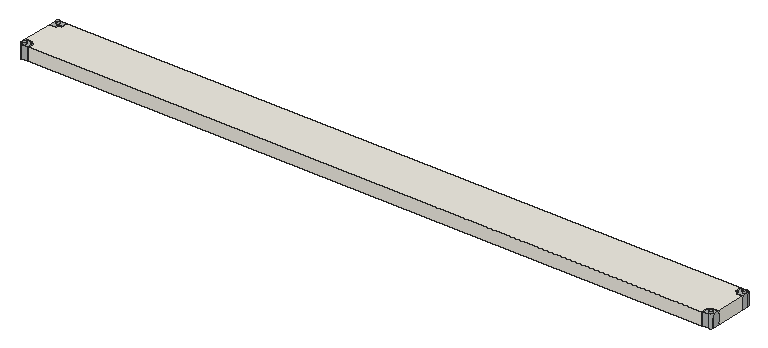
Revit family "HIGHTECH", category Осветительные приборы, Revit 2019 (continued)
Types (32, lengths in mm): name | Файл фотометрической сетки | built-in parameter 1150105 | Lumens | built-in parameter 1150106 | built-in parameter 1150142 | Wattage | Emit from Rectangle Width | Emit from Rectangle Length | Длина | Ширина | ADSK_Ток | ADSK_Полная мощность | ADSK_Обозначение | ADSK_Номинальная мощность | ADSK_Наименование | ADSK_Масса | ADSK_Код изделия
    .395 0.395 0.395 0.395 0.395 0.296 0.296 0.296 0.296 0.296 0.296 0.296 0.296 0.197 \r\n0.197 0.197 0.197 0.197 0.197 0.197 0.197 0.098 0.098 0.098 0.098 0.098 0.098 0.098 0.098 0.000 0.000 0.000 0.000 \r\n1417.637 1417.341 1414.085 1408.658 1400.568 1390.010 1377.085 1361.002 1342.947 1322.522 1300.026 1275.261 1248.621 1220.205 1189.817 1157.849 1124.598 1089.670 \r\n1053.460 1016.065 977.881 938.119 898.060 856.917 815.575 773.149 730.722 687.901 644.390 600.877 557.168 513.262 470.046 426.534 383.121 340.497 298.761 257.814 218.151 179.473 \r\n140.501 105.672 72.816 41.835 13.714 0.592 0.592 0.493 0.493 0.493 0.493 0.493 0.493 0.493 0.493 0.395 0.395 0.395 0.395 0.395 0.395 0.395 0.395 0.296 0.296 0.296 0.296 0.296 0.296 0.296 0.296 0.197 \r\n0.197 0.197 0.197 0.197 0.197 0.197 0.197 0.098 0.098 0.098 0.098 0.098 0.098 0.098 0.098 0.000 0.000 0.000 0.000 \r\n1417.637 1417.439 1414.183 1408.855 1400.765 1390.306 1377.381 1361.397 1343.341 1323.015 1300.520 1275.656 1249.114 1220.699 1190.408 1158.440 1125.190 1090.262 \r\n1054.151 1016.755 978.473 938.809 898.750 857.607 816.266 773.839 731.413 688.592 645.080 601.469 557.859 513.854 470.638 427.126 383.615 340.990 299.254 258.209 218.546 179.770 \r\n140.896 105.967 73.013 42.031 13.912 0.592 0.592 0.493 0.493 0.493 0.493 0.493 0.493 0.493 0.493 0.395 0.395 0.395 0.395 0.395 0.395 0.395 0.395 0.296 0.296 0.296 0.296 0.296 0.296 0.296 0.296 0.197 \r\n0.197 0.197 0.197 0.197 0.197 0.197 0.197 0.098 0.098 0.098 0.098 0.098 0.098 0.098 0.098 0.000 0.000 0.000 0.000 \r\n1417.637 1417.439 1414.282 1408.954 1400.963 1390.603 1377.677 1361.792 1343.735 1323.410 1301.014 1276.149 1249.608 1221.291 1191.000 1159.032 1125.782 1090.953 \r\n1054.841 1017.446 979.164 939.500 899.442 858.298 816.957 774.530 732.103 689.184 645.672 602.160 558.451 514.446 471.230 427.619 384.108 341.484 299.649 258.604 218.940 180.165 \r\n141.191 106.264 73.309 42.229 14.208 0.592 0.592 0.493 0.493 0.493 0.493 0.493 0.493 0.493 0.493 0.395 0.395 0.395 0.395 0.395 0.395 0.395 0.395 0.296 0.296 0.296 0.296 0.296 0.296 0.296 0.296 0.197 \r\n0.197 0.197 0.197 0.197 0.197 0.197 0.197 0.098 0.098 0.098 0.098 0.098 0.098 0.098 0.098 0.000 0.000 0.000 0.000 \r\n1417.637 1417.538 1414.380 1409.152 1401.258 1390.898 1378.072 1362.087 1344.130 1323.805 1301.408 1276.643 1250.200 1221.784 1191.593 1159.625 1126.374 1091.545 \r\n1055.433 1018.137 979.855 940.290 900.133 858.988 817.647 775.221 732.794 689.875 646.362 602.851 559.043 515.137 471.822 428.212 384.700 341.977 300.142 259.097 219.335 180.559 \r\n141.487 106.560 73.506 42.525 14.405 0.592 0.592 0.493 0.493 0.493 0.493 0.493 0.493 0.493 0.493 0.395 0.395 0.395 0.395 0.395 0.395 0.395 0.395 0.296 0.296 0.296 0.296 0.296 0.296 0.296 0.296 0.197 \r\n0.197 0.197 0.197 0.197 0.197 0.197 0.197 0.098 0.098 0.098 0.098 0.098 0.098 0.098 0.098 0.000 0.000 0.000 0.000 \r\n1417.637 1417.538 1414.480 1409.250 1401.456 1391.096 1378.367 1362.482 1344.525 1324.200 1301.902 1277.136 1250.693 1222.376 1192.184 1160.315 1127.064 1092.235 \r\n1056.124 1018.828 980.545 940.980 900.823 859.679 818.338 776.010 733.485 690.565 647.054 603.443 559.734 515.728 472.414 428.705 385.193 342.470 300.537 259.492 219.730 180.856 \r\n141.882 106.855 73.802 42.723 14.602 0.592 0.592 0.493 0.493 0.493 0.493 0.493 0.493 0.493 0.493 0.395 0.395 0.395 0.395 0.395 0.395 0.395 0.395 0.296 0.296 0.296 0.296 0.296 0.296 0.296 0.296 0.197 \r\n0.197 0.197 0.197 0.197 0.197 0.197 0.197 0.098 0.098 0.098 0.098 0.098 0.098 0.098 0.098 0.000 0.000 0.000 0.000 \r\n1417.637 1417.637 1414.578 1409.447 1401.653 1391.391 1378.663 1362.877 1344.920 1324.693 1302.395 1277.630 1251.187 1222.968 1192.678 1160.908 1127.657 1092.827 \r\n1056.814 1019.419 981.236 941.671 901.514 860.369 819.028 776.701 734.175 691.256 647.645 604.133 560.326 516.320 473.006 429.297 385.785 342.963 301.030 259.887 220.125 181.249 \r\n142.178 107.152 74.099 42.920 14.800 0.592 0.592 0.493 0.493 0.493 0.493 0.493 0.493 0.493 0.493 0.395 0.395 0.395 0.395 0.395 0.395 0.395 0.395 0.296 0.296 0.296 0.296 0.296 0.296 0.296 0.296 0.197 \r\n0.197 0.197 0.197 0.197 0.197 0.197 0.197 0.098 0.098 0.098 0.098 0.098 0.098 0.098 0.098 0.000 0.000 0.000 0.000 \r\n1417.637 1417.637 1414.677 1409.645 1401.851 1391.688 1378.960 1363.173 1345.314 1325.088 1302.790 1278.123 1251.680 1223.461 1193.269 1161.499 1128.249 1093.518 \r\n1057.406 1020.110 981.926 942.361 902.204 861.159 819.719 777.391 734.867 691.946 648.335 604.726 561.017 516.913 473.598 429.888 386.279 343.458 301.524 260.380 220.519 181.644 \r\n142.474 107.448 74.296 43.216 15.096 0.592 0.592 0.493 0.493 0.493 0.493 0.493 0.493 0.493 0.493 0.395 0.395 0.395 0.395 0.395 0.395 0.395 0.395 0.296 0.296 0.296 0.296 0.296 0.296 0.296 0.296 0.197 \r\n0.197 0.197 0.197 0.197 0.197 0.197 0.197 0.098 0.098 0.098 0.098 0.098 0.098 0.098 0.098 0.000 0.000 0.000 0.000 \r\n1417.637 1417.736 1414.775 1409.743 1402.146 1391.984 1379.355 1363.568 1345.709 1325.482 1303.283 1278.616 1252.272 1224.054 1193.862 1162.091 1128.940 1094.110 \r\n1058.097 1020.801 982.617 943.052 902.994 861.850 820.410 778.082 735.458 692.637 649.027 605.416 561.608 517.504 474.190 430.383 386.772 343.951 301.918 260.775 220.913 181.941 \r\n142.770 107.743 74.592 43.413 15.293 0.592 0.592 0.493 0.493 0.493 0.493 0.493 0.493 0.493 0.493 0.395 0.395 0.395 0.395 0.395 0.395 0.395 0.395 0.296 0.296 0.296 0.296 0.296 0.296 0.296 0.296 0.197 \r\n0.197 0.197 0.197 0.197 0.197 0.197 0.197 0.098 0.098 0.098 0.098 0.098 0.098 0.098 0.098 0.000 0.000 0.000 0.000 \r\n1417.637 1417.736 1414.874 1409.940 1402.344 1392.181 1379.650 1363.962 1346.104 1325.877 1303.776 1279.109 1252.766 1224.547 1194.454 1162.782 1129.531 1094.702 \r\n1058.788 1021.492 983.308 943.742 903.684 862.540 821.100 778.773 736.148 693.327 649.618 606.107 562.298 518.096 474.782 430.974 387.364 344.444 302.412 261.170 221.308 182.335 \r\n143.165 108.040 74.789 43.611 15.490 0.592 0.592 0.493 0.493 0.493 0.493 0.493 0.493 0.493 0.493 0.395 0.395 0.395 0.395 0.395 0.395 0.395 0.395 0.296 0.296 0.296 0.296 0.296 0.296 0.296 0.296 0.197 \r\n0.197 0.197 0.197 0.197 0.197 0.197 0.197 0.098 0.098 0.098 0.098 0.098 0.098 0.098 0.098 0.000 0.000 0.000 0.000 \r\n1417.637 1417.834 1414.973 1410.138 1402.541 1392.477 1379.946 1364.258 1346.499 1326.272 1304.171 1279.603 1253.259 1225.139 1195.045 1163.374 1130.123 1095.393 \r\n1059.478 1022.183 983.999 944.433 904.375 863.231 821.792 779.464 736.840 693.920 650.309 606.699 562.891 518.787 475.374 431.566 387.857 344.937 302.906 261.663 221.703 182.730 \r\n143.461 108.237 75.085 43.906 15.688 0.592 0.592 0.493 0.493 0.493 0.493 0.493 0.493 0.493 0.493 0.395 0.395 0.395 0.395 0.395 0.395 0.395 0.395 0.296 0.296 0.296 0.296 0.296 0.296 0.296 0.296 0.197 \r\n0.197 0.197 0.197 0.197 0.197 0.197 0.197 0.098 0.098 0.098 0.098 0.098 0.098 0.098 0.098 0.000 0.000 0.000 0.000 \r\n1417.637 1417.834 1415.071 1410.237 1402.837 1392.772 1380.243 1364.653 1346.892 1326.765 1304.664 1280.096 1253.752 1225.730 1195.638 1163.965 1130.814 1095.984 \r\n1060.071 1022.873 984.689 945.124 905.066 863.922 822.482 780.154 737.531 694.610 651.000 607.390 563.581 519.379 475.966 432.059 388.350 345.431 303.300 262.058 222.098 183.026 \r\n143.757 108.533 75.282 44.104 15.983 0.592 0.592 0.493 0.493 0.493 0.493 0.493 0.493 0.493 0.493 0.395 0.395 0.395 0.395 0.395 0.395 0.395 0.395 0.296 0.296 0.296 0.296 0.296 0.296 0.296 0.296 0.197 \r\n0.197 0.197 0.197 0.197 0.197 0.197 0.197 0.098 0.098 0.098 0.098 0.098 0.098 0.098 0.098 0.000 0.000 0.000 0.000 \r\n1417.637 1417.932 1415.170 1410.434 1403.034 1393.069 1380.636 1365.048 1347.287 1327.160 1305.157 1280.589 1254.344 1226.225 1196.230 1164.558 1131.406 1096.675 \r\n1060.761 1023.564 985.380 945.815 905.756 864.613 823.173 780.845 738.221 695.301 651.592 608.080 564.174 519.971 476.558 432.652 388.943 345.924 303.794 262.453 222.492 183.420 \r\n144.151 108.829 75.579 44.301 16.181 0.592 0.592 0.493 0.493 0.493 0.493 0.493 0.493 0.493 0.493 0.395 0.395 0.395 0.395 0.395 0.395 0.395 0.395 0.296 0.296 0.296 0.296 0.296 0.296 0.296 0.296 0.197 \r\n0.197 0.197 0.197 0.197 0.197 0.197 0.197 0.098 0.098 0.098 0.098 0.098 0.098 0.098 0.098 0.000 0.000 0.000 0.000 \r\n1417.637 1417.932 1415.268 1410.533 1403.232 1393.365 1380.933 1365.443 1347.682 1327.555 1305.552 1281.082 1254.837 1226.816 1196.821 1165.150 1131.998 1097.267 \r\n1061.452 1024.254 986.070 946.506 906.447 865.401 823.863 781.535 738.912 695.991 652.282 608.672 564.864 520.563 477.150 433.145 389.436 346.417 304.287 262.946 222.887 183.815 \r\n144.448 109.125 75.874 44.597 16.378 0.592 0.592 0.493 0.493 0.493 0.493 0.493 0.493 0.493 0.493 0.395 0.395 0.395 0.395 0.395 0.395 0.395 0.395 0.296 0.296 0.296 0.296 0.296 0.296 0.296 0.296 0.197 \r\n0.197 0.197 0.197 0.197 0.197 0.197 0.197 0.098 0.098 0.098 0.098 0.098 0.098 0.098 0.098 0.000 0.000 0.000 0.000 \r\n1417.637 1418.031 1415.368 1410.730 1403.527 1393.562 1381.229 1365.738 1348.077 1327.949 1306.045 1281.575 1255.331 1227.310 1197.414 1165.841 1132.689 1097.958 \r\n1062.043 1024.846 986.761 947.196 907.137 866.092 824.554 782.226 739.602 696.683 652.973 609.363 565.456 521.155 477.742 433.737 390.028 346.910 304.681 263.341 223.282 184.111 \r\n144.743 109.421 76.072 44.794 16.576 0.592 0.592 0.493 0.493 0.493 0.493 0.493 0.493 0.493 0.493 0.395 0.395 0.395 0.395 0.395 0.395 0.395 0.395 0.296 0.296 0.296 0.296 0.296 0.296 0.296 0.296 0.197 \r\n0.197 0.197 0.197 0.197 0.197 0.197 0.197 0.098 0.098 0.098 0.098 0.098 0.098 0.098 0.098 0.000 0.000 0.000 0.000 \r\n1417.637 1418.031 1415.466 1410.928 1403.725 1393.858 1381.524 1366.133 1348.472 1328.443 1306.440 1282.070 1255.824 1227.901 1198.006 1166.433 1133.280 1098.550 \r\n1062.735 1025.537 987.451 947.887 907.829 866.784 825.244 782.916 740.293 697.373 653.565 610.053 566.147 521.747 478.334 434.328 390.521 347.404 305.175 263.735 223.677 184.506 \r\n145.039 109.717 76.368 44.992 16.871 0.592 0.592 0.493 0.493 0.493 0.493 0.493 0.493 0.493 0.493 0.395 0.395 0.395 0.395 0.395 0.395 0.395 0.395 0.296 0.296 0.296 0.296 0.296 0.296 0.296 0.296 0.197 \r\n0.197 0.197 0.197 0.197 0.197 0.197 0.197 0.098 0.098 0.098 0.098 0.098 0.098 0.098 0.098 0.000 0.000 0.000 0.000 \r\n1417.637 1418.130 1415.565 1411.026 1403.922 1394.154 1381.919 1366.527 1348.866 1328.837 1306.933 1282.563 1256.416 1228.494 1198.597 1167.024 1133.873 1099.241 \r\n1063.425 1026.228 988.143 948.676 908.519 867.474 825.935 783.608 740.983 698.064 654.256 610.646 566.739 522.438 478.926 434.822 391.014 347.897 305.569 264.229 224.072 184.901 \r\n145.434 110.013 76.565 45.288 17.069 0.592 0.592 0.493 0.493 0.493 0.493 0.493 0.493 0.493 0.493 0.395 0.395 0.395 0.395 0.395 0.395 0.395 0.395 0.296 0.296 0.296 0.296 0.296 0.296 0.296 0.296 0.197 \r\n0.197 0.197 0.197 0.197 0.197 0.197 0.197 0.098 0.098 0.098 0.098 0.098 0.098 0.098 0.098 0.000 0.000 0.000 0.000 \r\n1417.637 1418.130 1415.762 1411.223 1404.218 1394.450 1382.216 1366.824 1349.261 1329.231 1307.427 1283.056 1256.910 1228.987 1199.190 1167.616 1134.563 1099.833 \r\n1064.016 1026.918 988.833 949.367 909.308 868.165 826.625 784.298 741.674 698.656 654.946 611.336 567.430 523.030 479.518 435.414 391.606 348.391 306.063 264.623 224.465 185.196 \r\n145.730 110.309 76.861 45.485 17.266 0.592 0.592 0.493 0.493 0.493 0.493 0.493 0.493 0.493 0.493 0.395 0.395 0.395 0.395 0.395 0.395 0.395 0.395 0.296 0.296 0.296 0.296 0.296 0.296 0.296 0.296 0.197 \r\n0.197 0.197 0.197 0.197 0.197 0.197 0.197 0.098 0.098 0.098 0.098 0.098 0.098 0.098 0.098 0.000 0.000 0.000 0.000 \r\n1417.637 1418.229 1415.861 1411.421 1404.415 1394.746 1382.512 1367.219 1349.656 1329.626 1307.821 1283.549 1257.403 1229.579 1199.782 1168.209 1135.155 1100.523 \r\n1064.708 1027.609 989.425 950.057 909.998 868.855 827.317 784.989 742.365 699.347 655.538 611.928 568.021 523.622 480.110 436.006 392.100 348.884 306.556 265.017 224.860 185.591 \r\n146.026 110.605 77.157 45.781 17.464 0.592 0.592 0.493 0.493 0.493 0.493 0.493 0.493 0.493 0.493 0.395 0.395 0.395 0.395 0.395 0.395 0.395 0.395 0.296 0.296 0.296 0.296 0.296 0.296 0.296 0.296 0.197 \r\n0.197 0.197 0.197 0.197 0.197 0.197 0.197 0.098 0.098 0.098 0.098 0.098 0.098 0.098 0.098 0.000 0.000 0.000 0.000 \r\n1417.637 1418.229 1415.960 1411.519 1404.613 1394.943 1382.807 1367.612 1350.051 1330.119 1308.315 1284.043 1257.896 1230.072 1200.275 1168.899 1135.748 1101.116 \r\n1065.398 1028.300 990.115 950.748 910.689 869.644 828.007 785.679 743.056 700.037 656.229 612.619 568.713 524.214 480.702 436.499 392.593 349.377 306.951 265.511 225.255 185.986 \r\n146.421 110.901 77.355 45.978 17.759 0.592 0.592 0.493 0.493 0.493 0.493 0.493 0.493 0.493 0.493 0.395 0.395 0.395 0.395 0.395 0.395 0.395 0.395 0.296 0.296 0.296 0.296 0.296 0.296 0.296 0.296 0.197 \r\n0.197 0.197 0.197 0.197 0.197 0.197 0.197 0.098 0.098 0.098 0.098 0.098 0.098 0.098 0.098 0.000 0.000 0.000 0.000 \r\n1417.637 1418.327 1416.058 1411.716 1404.810 1395.240 1383.202 1367.909 1350.445 1330.514 1308.808 1284.536 1258.488 1230.664 1200.867 1169.491 1136.339 1101.806 \r\n1066.089 1028.991 990.807 951.438 911.381 870.335 828.698 786.370 743.746 700.728 656.920 613.310 569.304 524.806 481.294 437.091 393.185 349.871 307.444 265.905 225.650 186.381 \r\n146.717 111.197 77.650 46.176 17.957 0.592 0.592 0.493 0.493 0.493 0.493 0.493 0.493 0.493 0.493 0.395 0.395 0.395 0.395 0.395 0.395 0.395 0.395 0.296 0.296 0.296 0.296 0.296 0.296 0.296 0.296 0.197 \r\n0.197 0.197 0.197 0.197 0.197 0.197 0.197 0.098 0.098 0.098 0.098 0.098 0.098 0.098 0.098 0.000 0.000 0.000 0.000 \r\n1417.637 1418.327 1416.156 1411.816 1405.106 1395.535 1383.498 1368.304 1350.839 1330.909 1309.203 1285.029 1258.981 1231.256 1201.459 1170.083 1137.030 1102.398 \r\n1066.680 1029.681 991.497 952.129 912.071 871.026 829.388 787.061 744.437 701.418 657.512 613.901 569.995 525.398 481.886 437.585 393.678 350.364 307.938 266.300 226.044 186.676 \r\n147.012 111.493 77.848 46.472 18.154 0.592 0.592 0.493 0.493 0.493 0.493 0.493 0.493 0.493 0.493 0.395 0.395 0.395 0.395 0.395 0.395 0.395 0.395 0.296 0.296 0.296 0.296 0.296 0.296 0.296 0.296 0.197 \r\n0.197 0.197 0.197 0.197 0.197 0.197 0.197 0.098 0.098 0.098 0.098 0.098 0.098 0.098 0.098 0.000 0.000 0.000 0.000 \r\n1417.637 1418.426 1416.255 1412.013 1405.303 1395.831 1383.794 1368.698 1351.234 1331.304 1309.696 1285.522 1259.474 1231.750 1202.051 1170.675 1137.622 1103.089 \r\n1067.372 1030.273 992.188 952.820 912.762 871.716 830.079 787.751 745.127 702.109 658.202 614.593 570.587 526.088 482.478 438.177 394.171 350.857 308.332 266.793 226.439 187.071 \r\n147.309 111.690 78.144 46.670 18.451 0.592 0.592 0.493 0.493 0.493 0.493 0.493 0.493 0.493 0.493 0.395 0.395 0.395 0.395 0.395 0.395 0.395 0.395 0.296 0.296 0.296 0.296 0.296 0.296 0.296 0.296 0.197 \r\n0.197 0.197 0.197 0.197 0.197 0.197 0.197 0.098 0.098 0.098 0.098 0.098 0.098 0.098 0.098 0.000 0.000 0.000 0.000 \r\n1417.637 1418.426 1416.354 1412.211 1405.501 1396.029 1384.090 1369.093 1351.629 1331.797 1310.189 1286.016 1259.968 1232.341 1202.643 1171.366 1138.214 1103.680 \r\n1068.062 1030.964 992.878 953.511 913.452 872.407 830.770 788.442 745.818 702.799 658.893 615.283 571.179 526.680 483.070 438.769 394.763 351.350 308.826 267.188 226.834 187.466 \r\n147.703 111.987 78.440 46.866 18.648 0.592 0.592 0.493 0.493 0.493 0.493 0.493 0.493 0.493 0.493 0.395 0.395 0.395 0.395 0.395 0.395 0.395 0.395 0.296 0.296 0.296 0.296 0.296 0.296 0.296 0.296 0.197 \r\n0.197 0.197 0.197 0.197 0.197 0.197 0.197 0.098 0.098 0.098 0.098 0.098 0.098 0.098 0.098 0.000 0.000 0.000 0.000 \r\n1417.637 1418.525 1416.453 1412.309 1405.796 1396.325 1384.485 1369.388 1352.024 1332.192 1310.584 1286.509 1260.560 1232.835 1203.235 1171.958 1138.905 1104.371 \r\n1068.654 1031.655 993.569 954.202 914.143 873.098 831.460 789.133 746.410 703.392 659.485 615.874 571.870 527.273 483.662 439.262 395.257 351.844 309.319 267.583 227.229 187.762 \r\n148.000 112.282 78.637 47.163 18.845 0.592 0.592 0.493 0.493 0.493 0.493 0.493 0.493 0.493 0.493 0.395 0.395 0.395 0.395 0.395 0.395 0.395 0.395 0.296 0.296 0.296 0.296 0.296 0.296 0.296 0.296 0.197 \r\n0.197 0.197 0.197 0.197 0.197 0.197 0.197 0.098 0.0
